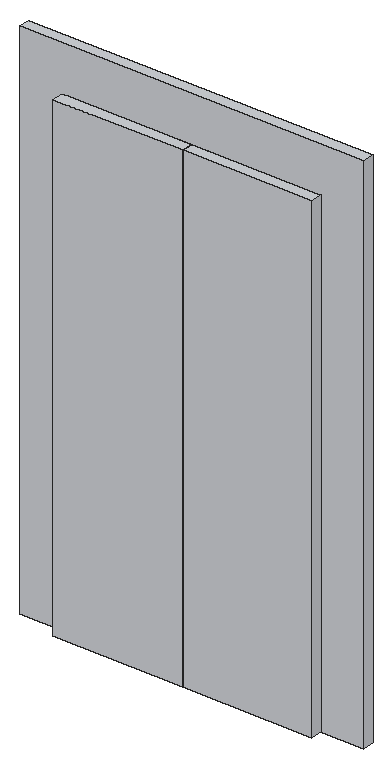
Revit family
Parameters (values of type "1100mm 2")
  Platfrom Left [instance] = 1312 mm
  Platform Right [instance] = 1312 mm
  Function = (empty or 0)
  Cab Depth = 1879.6 mm
  Cab Thickness = 50.8 mm
  Cab Width = 0 mm
  Frame Projection Ext. = 50 mm
  Frame Width = 200 mm
  Height = 2100 mm
  Wall Closure = (empty or 0)
  Width = 1100 mm
  Assembly Code = ""
Reference planes
  plane 1: y = 0
  plane 2 "Center": x = 0
  plane 3 "Left": x = -550
  plane 4 "Right": x = 550
  plane 5 "Top": z = 2100
  plane 6: x = -1312
  plane 7: x = 1312
Forms (mm)
  Extrusion 1, solid
    sketch origin (-2286, -76.2, 0) x (1, 0, 0) y (0, 0, 1)
      loop
        line (1736, 0) -> (1736, 2100) -> (2836, 2100) -> (2836, 0) -> (3036, 0) -> (3036, 2300) -> (1536, 2300) -> (1536, 0) -> (1736, 0)
    from 0 to 50.8
  Extrusion 2, solid
    sketch origin (-2286, -127, 0) x (1, 0, 0) y (0, 0, 1)
      loop
        line (1721, 0) -> (2286, 0) -> (2286, 2100) -> (1721, 2100) -> (1721, 0)
    from 0 to 50.8
  Extrusion 3, solid
    sketch origin (2286, -127, 0) x (-1, 0, 0) y (0, 0, -1)
      loop
        line (1721, 0) -> (1721, -2100) -> (2286, -2100) -> (2286, 0) -> (1721, 0)
    from 0 to 50.8
Lines and regions (mm)
  Opening 1
    outline origin (-2286, -76.2, 0) x (1, 0, 0) y (0, 0, 1)
      loop
        line (1736, 0) -> (2836, 0) -> (2836, 2100) -> (1736, 2100) -> (1736, 0)
  symbolic lines, style "Elevation Swing"
    curve 1: line (550, 76.2, 0) -> (-550, 76.2, 1050)
    curve 2: line (-550, 76.2, 1050) -> (550, 76.2, 2100)
  symbolic lines, detail levels fine
    curve 3: line (-550, -177.801, 0) -> (550, -177.801, 0)
    curve 4: line (-550, -127.001, 0) -> (-550, -177.801, 0)
    curve 5: line (550, -127.001, 0) -> (-550, -127.001, 0)
    curve 6: line (550, -177.801, 0) -> (550, -127.001, 0)
    curve 7: line (0.222, -127.001, 0) -> (0.222, -177.801, 0)
    curve 8: line (1312, -76.2, 0) -> (1312, -215.9, 0)
    curve 9: line (1312, -215.9, 0) -> (-1312, -215.9, 0)
    curve 10: line (-1312, -215.9, 0) -> (-1312, -76.2, 0)
Text (mm)
  text "Exterior" at (-1490.41, 693.701, 0), in view "Floor Line"
  text "Interior" at (-1482.03, -638.649, 0), in view "Floor Line"
  text "Exterior" at (0, 1019.848, 3124.603), in view "Right"
  text "Interior" at (0, -1635.541, 3124.603), in view "Right"
  text "Interior" at (0, -787.806, 3124.376), in view "Left"
  text "Exterior" at (0, 1386.095, 3124.376), in view "Left"
Dimensions and locks
  equal spacing: plane 3 "Left", plane 2 "Center", plane 4 "Right"
  "Height": level to plane 5 "Top"
  "Width": plane 3 "Left" to plane 4 "Right"
  "Frame Width": Extrusion 1 sketch curve to plane 3 "Left"
  "Frame Width": Extrusion 1 sketch curve to plane 4 "Right"
  "Frame Width": Extrusion 1 sketch curve to plane 5 "Top"
  equal spacing: host wall, curve 2, plane 5 "Top"
  "Platfrom Left": plane 6 to plane 2 "Center"
  "Platform Right": plane 2 "Center" to plane 7
  plane 6 to plane 2 "Center" to plane 7 = 1312 mm, 1312 mm
  aligned and locked: plane 3 "Left" to Opening 1 sketch curve
  aligned and locked: plane 5 "Top" to Opening 1 sketch curve  (x2)
  aligned and locked: Opening 1 sketch curve to plane 4 "Right"
  aligned and locked: Opening 1 sketch curve to level
  aligned and locked: plane 3 "Left" to Extrusion 1 sketch curve
  aligned and locked: plane 5 "Top" to Extrusion 1 sketch curve  (x2)
  aligned and locked: plane 4 "Right" to Extrusion 1 sketch curve  (x2)
  aligned and locked: level to Extrusion 1 sketch curve
  aligned and locked: Extrusion 1 sketch curve to level
  aligned and locked: Extrusion 1 to host wall
  aligned and locked: plane 4 "Right" to curve 1
  aligned and locked: plane 3 "Left" to curve 1
  aligned and locked: plane 5 "Top" to curve 2
  aligned and locked: curve 6 to plane 4 "Right"
Automatic sketch dimensions
  curve 1 to level = 0 mm
  curve 2 to plane 4 "Right" = 0 mm
  Extrusion 1 sketch curve to level = 0 mm
  curve 4 to plane 3 "Left" = 0 mm
  plane 2 "Center" to curve 7 = 0.222 mm
  host wall to curve 7 = 50.801 mm
  curve 6 to curve 5 = 50.8 mm
  plane 3 "Left" to Extrusion 2 sketch curve = 15 mm
  Extrusion 2 sketch curve to plane 2 "Center" = 0 mm
  Extrusion 2 sketch curve to level = 0 mm
  Extrusion 2 sketch curve to plane 5 "Top" = 0 mm
  Extrusion 3 sketch curve to plane 4 "Right" = 15 mm
  Extrusion 3 sketch curve to plane 2 "Center" = 0 mm
  Extrusion 3 sketch curve to plane 5 "Top" = 0 mm
  Extrusion 3 sketch curve to level = 0 mm
  curve 10 to plane 6 = 0 mm
  curve 9 to plane 7 = 0 mm
  curve 10 to host wall = 0 mm
  curve 8 to host wall = 0 mm
  host wall to curve 10 = 139.7 mm
